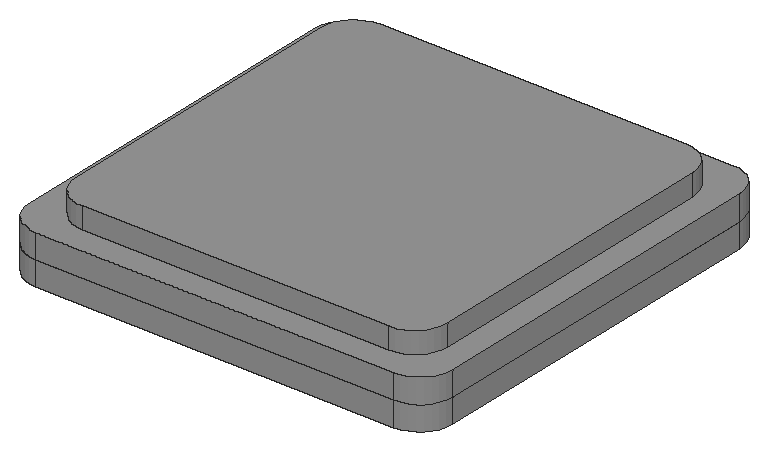
Revit family "FMS2_63_UN_Surface-mounted_ETK", category Lighting Fixtures, Revit 2019 (continued)
Definition of nested family "FMS.2 - Lightsource"
  Types (14, lengths in mm): name | Wattage Comments | Wattage | built-in parameter 1150134 | Photometric Web File | built-in parameter 1150142 | built-in parameter 1150105 | Lumens | built-in parameter 1150107 | built-in parameter 1150106 | Apparent Load
      \t549.7902\t542.9214\t536.0526\t529.1838\t521.4564\r\n513.4428\t505.7154\t497.988\t490.2606\t482.247\t474.5196\t466.7922\t459.0648\t451.3374\t443.61\r\n435.8826\t428.1552\t420.4278\t412.7004\t404.973\t397.5318\t389.8044\t382.077\t374.0634\t366.0498\r\n358.0362\t350.0226\t342.009\t333.9954\t325.9818\t317.9682\t309.9546\t301.941\t294.2136\t286.2\r\n278.3009\t270.4018\t262.5026\t254.6035\t246.733\t238.8625\t231.6789\t224.4953\t217.3403\t210.1853\r\n203.0303\t195.8753\t188.7489\t181.6225\t174.5248\t167.3984\t160.3006\t153.2029\t146.1051\t139.036\r\n131.9382\t124.8691\t117.7999\t108.5557\t95.5336\t82.4828\t69.4607\t56.4386\t43.4165\t30.3944\r\n17.3752\t4.3531\t0\t0\t0\t0\t0\t0\t0\t0\r\n0\r\n985.6728\t984.8142\t983.9556\t983.3832\t982.2384\t981.3798\t980.5212\t979.6626\t978.804\t977.9454\r\n976.8006\t975.942\t975.0834\t973.9386\t973.08\t971.649\t970.5042\t969.0732\t967.9284\t966.7836\r\n965.925\t964.7802\t963.063\t961.632\t960.201\t957.6252\t954.7632\t951.9012\t949.3254\t946.4634\r\n943.6014\t940.4532\t937.5912\t934.443\t931.0086\t927.8604\t924.9984\t921.8502\t918.9882\t915.84\r\n912.4056\t908.9712\t905.5368\t902.1024\t898.9542\t895.806\t892.3716\t888.9372\t885.5028\t880.6374\r\n876.0582\t871.479\t866.8998\t862.3206\t857.4552\t852.5898\t847.4382\t842.5728\t837.7074\t832.842\r\n827.9766\t822.825\t817.9596\t813.0942\t808.515\t803.6496\t798.7842\t793.6326\t788.7672\t783.9018\r\n778.7502\t773.0262\t766.7298\t760.4334\t754.4232\t748.1268\t742.1166\t735.8202\t729.81\t723.2274\r\n716.931\t710.6346\t704.3382\t698.328\t692.0316\t685.7352\t679.725\t673.4286\t667.1322\t660.8358\r\n654.8256\t648.5292\t641.6604\t634.7916\t627.6366\t620.4816\t613.3266\t606.1716\t599.0166\t591.8616\r\n584.7066\t577.5516\t570.6828\t563.5278\t556.3728\t549.504\t542.349\t535.194\t528.039\t520.884\r\n514.0152\t506.8602\t498.8466\t491.1192\t483.1056\t475.3782\t467.3646\t459.6372\t451.9098\t443.8962\r\n436.1688\t428.4414\t420.714\t412.9866\t404.973\t397.2456\t389.5182\t381.5046\t373.7772\t366.0498\r\n358.3224\t350.3088\t342.2952\t334.2816\t326.268\t318.5406\t310.527\t302.5134\t294.4998\t286.7724\r\n278.816\t270.9455\t263.1037\t255.2618\t247.4199\t239.6066\t231.7934\t224.1232\t217.0255\t209.9277\r\n202.8586\t195.7894\t188.7489\t181.7084\t174.6965\t167.6846\t160.6727\t153.6608\t146.6775\t139.6656\r\n132.7109\t125.7277\t118.773\t111.8183\t102.1734\t89.0654\t75.9575\t62.8781\t49.7702\t36.6908\r\n23.5915\t10.4978\t0\t0\t0\t0\t0\t0\t0\t0\r\n0\r\n985.6728\t984.8142\t984.2418\t983.3832\t982.5246\t981.666\t980.5212\t979.6626\t978.804\t977.9454\r\n977.0868\t976.2282\t975.0834\t973.9386\t972.7938\t971.3628\t970.218\t969.0732\t968.2146\t966.7836\r\n965.3526\t963.9216\t962.2044\t960.7734\t959.3424\t957.9114\t956.4804\t953.6184\t950.7564\t947.6082\r\n944.46\t941.0256\t938.1636\t935.3016\t932.1534\t929.0052\t925.5708\t921.8502\t918.4158\t915.2676\r\n912.1194\t908.9712\t905.2506\t901.8162\t898.3818\t894.9474\t891.513\t888.0786\t884.358\t880.6374\r\n876.6306\t872.6238\t867.7584\t863.1792\t858.3138\t853.1622\t848.2968\t843.4314\t838.2798\t833.1282\r\n828.2628\t823.1112\t817.9596\t813.0942\t807.9426\t802.791\t797.6394\t792.4878\t787.3362\t782.1846\r\n777.033\t771.8814\t766.7298\t761.5782\t756.4266\t750.1302\t743.8338\t737.5374\t731.241\t724.9446\r\n718.6482\t712.0656\t705.7692\t699.1866\t692.604\t686.0214\t679.725\t673.1424\t666.846\t660.2634\r\n653.967\t647.3844\t640.8018\t634.5054\t627.9228\t621.6264\t614.7576\t607.3164\t600.1614\t592.7202\r\n585.5652\t578.124\t570.969\t563.5278\t556.3728\t549.2178\t541.7766\t534.6216\t527.4666\t520.3116\r\n512.8704\t505.7154\t498.5604\t491.4054\t484.2504\t476.8092\t468.7956\t460.782\t453.0546\t445.041\r\n437.3136\t429.3\t421.2864\t413.2728\t405.5454\t397.5318\t389.8044\t381.7908\t374.0634\t366.0498\r\n358.3224\t350.595\t342.8676\t334.854\t326.8404\t318.8268\t311.0994\t303.0858\t295.0722\t287.3448\r\n279.3884\t271.5179\t263.6474\t255.8056\t247.9923\t240.179\t232.3944\t224.6384\t216.911\t209.2981\r\n202.2862\t195.3315\t188.3482\t181.3936\t174.4675\t167.5415\t160.6441\t153.7466\t146.8778\t140.009\r\n133.1689\t126.3287\t119.4885\t112.6769\t105.8654\t96.6211\t83.4273\t70.2621\t57.0969\t43.9031\r\n30.7379\t17.5498\t4.3703\t0\t0\t0\t0\t0\t0\t0\r\n0\r\n985.6728\t985.1004\t984.2418\t983.3832\t982.5246\t981.666\t980.8074\t979.9488\t979.0902\t978.2316\r\n977.373\t976.5144\t975.3696\t973.9386\t972.5076\t971.649\t970.5042\t969.3594\t967.9284\t966.4974\r\n964.7802\t963.3492\t961.632\t960.201\t958.77\t957.339\t955.6218\t953.6184\t951.9012\t948.753\r\n945.891\t943.029\t939.5946\t936.1602\t932.4396\t929.2914\t926.1432\t922.995\t919.5606\t915.84\r\n912.4056\t908.9712\t905.5368\t902.1024\t898.0956\t894.0888\t890.3682\t886.6476\t883.2132\t879.4926\r\n875.4858\t871.479\t867.4722\t863.4654\t859.4586\t854.8794\t849.7278\t844.8624\t839.7108\t834.273\r\n829.1214\t823.6836\t818.532\t813.3804\t807.9426\t802.791\t797.6394\t792.4878\t787.3362\t781.8984\r\n776.4606\t771.0228\t765.585\t760.1472\t754.7094\t748.9854\t743.5476\t737.8236\t732.672\t726.6618\r\n720.0792\t713.4966\t706.914\t700.3314\t693.7488\t687.1662\t680.5836\t674.001\t667.1322\t660.5496\r\n653.967\t647.0982\t640.5156\t633.933\t627.0642\t620.4816\t613.899\t607.3164\t600.4476\t593.865\r\n586.9962\t579.555\t572.1138\t564.6726\t557.2314\t549.7902\t542.349\t534.9078\t527.4666\t520.0254\r\n512.5842\t505.4292\t497.988\t490.5468\t483.1056\t475.9506\t468.5094\t461.3544\t453.9132\t446.472\r\n438.4584\t430.4448\t422.4312\t414.1314\t406.1178\t398.1042\t390.0906\t382.077\t374.3496\t366.336\r\n358.3224\t350.595\t342.5814\t334.854\t326.8404\t319.113\t311.3856\t303.372\t295.3584\t287.631\r\n279.6746\t271.8328\t264.0481\t256.2635\t248.5075\t240.7514\t233.024\t225.3253\t217.6551\t209.9849\r\n202.3434\t194.7019\t187.7472\t180.907\t174.0668\t167.2553\t160.4723\t153.718\t146.9637\t140.238\r\n133.5123\t126.8152\t120.1181\t113.4497\t106.8098\t100.17\t92.0992\t78.7909\t65.4826\t52.1743\r\n38.866\t25.5577\t12.2465\t0\t0\t0\t0\t0\t0\t0\r\n0\r\n985.6728\t985.1004\t984.2418\t983.6694\t982.8108\t981.9522\t981.0936\t980.235\t979.6626\t978.804\r\n977.6592\t976.5144\t975.3696\t973.9386\t972.7938\t971.9352\t970.7904\t969.0732\t967.6422\t966.2112\r\n964.494\t963.063\t961.3458\t959.9148\t958.1976\t956.1942\t954.1908\t952.7598\t951.0426\t949.3254\r\n946.7496\t943.8876\t940.4532\t937.5912\t934.443\t931.0086\t927.288\t923.8536\t920.4192\t916.9848\r\n913.2642\t909.2574\t905.5368\t901.8162\t898.3818\t894.6612\t890.6544\t886.3614\t882.3546\t878.3478\r\n874.341\t870.3342\t866.3274\t862.3206\t857.7414\t853.4484\t849.1554\t844.8624\t840.5694\t836.5626\r\n831.411\t826.2594\t820.8216\t815.0976\t809.3736\t803.9358\t798.2118\t792.774\t787.05\t781.6122\r\n775.8882\t770.4504\t765.0126\t759.5748\t753.8508\t748.1268\t742.4028\t736.6788\t730.9548\t725.2308\r\n719.5068\t713.7828\t708.0588\t702.3348\t696.3246\t689.4558\t682.587\t675.7182\t668.8494\t661.9806\r\n655.1118\t648.5292\t641.3742\t634.5054\t627.3504\t620.4816\t613.6128\t606.744\t599.8752\t592.7202\r\n585.8514\t578.9826\t572.1138\t565.245\t558.09\t551.5074\t543.78\t536.3388\t528.6114\t520.884\r\n513.1566\t505.4292\t497.988\t490.5468\t482.8194\t475.3782\t467.937\t460.2096\t452.7684\t445.3272\r\n437.886\t430.4448\t423.0036\t415.5624\t407.835\t399.5352\t391.5216\t383.2218\t375.2082\t367.1946\r\n359.181\t351.1674\t343.1538\t335.1402\t327.1266\t319.113\t311.3856\t303.372\t295.6446\t287.9172\r\n280.0181\t272.1762\t264.3629\t256.5783\t248.8509\t241.1235\t233.4533\t225.8118\t218.2275\t210.6432\r\n203.0875\t195.5605\t188.062\t180.5922\t173.38\t166.6829\t159.9858\t153.346\t146.7347\t140.1235\r\n133.5695\t127.0156\t120.4902\t113.9648\t107.4681\t101\t94.5319\t88.0637\t75.0416\t61.5616\r\n48.0816\t34.573\t21.0872\t7.5929\t0\t0\t0\t0\t0\t0\r\n0\r\n985.6728\t985.1004\t984.528\t983.6694\t982.8108\t981.9522\t981.3798\t980.8074\t979.9488\t979.0902\r\n978.2316\t976.8006\t975.3696\t974.2248\t973.3662\t972.2214\t970.7904\t969.0732\t967.6422\t965.925\r\n964.494\t962.7768\t961.3458\t959.3424\t957.339\t955.6218\t953.9046\t952.1874\t949.6116\t947.0358\r\n945.0324\t943.029\t941.0256\t938.4498\t935.874\t932.7258\t929.2914\t925.857\t921.8502\t918.1296\r\n914.409\t910.9746\t907.254\t903.2472\t898.9542\t894.9474\t890.9406\t886.9338\t882.6408\t878.634\r\n874.341\t869.7618\t865.4688\t861.1758\t856.8828\t852.5898\t848.2968\t844.0038\t839.4246\t834.5592\r\n829.6938\t825.1146\t820.2492\t815.67\t811.0908\t806.2254\t800.5014\t795.0636\t789.3396\t783.6156\r\n777.6054\t771.5952\t765.585\t759.5748\t753.8508\t747.8406\t742.1166\t736.1064\t730.0962\t724.086\r\n718.0758\t712.3518\t706.3416\t700.3314\t694.3212\t688.0248\t682.0146\t676.0044\t669.9942\t663.984\r\n657.6876\t650.8188\t643.6638\t636.2226\t629.0676\t621.9126\t614.7576\t607.8888\t600.4476\t593.2926\r\n585.8514\t578.6964\t571.5414\t564.3864\t557.2314\t550.0764\t542.9214\t535.7664\t528.6114\t521.4564\r\n514.3014\t507.1464\t499.7052\t491.6916\t483.9642\t476.2368\t468.2232\t460.4958\t452.7684\t445.041\r\n437.3136\t429.5862\t422.145\t414.4176\t406.9764\t399.249\t391.8078\t384.3666\t376.9254\t368.9118\r\n360.8982\t352.5984\t344.2986\t335.9988\t327.9852\t319.9716\t311.958\t303.9444\t296.217\t288.2034\r\n280.2184\t272.3193\t264.4488\t256.6069\t248.9368\t241.2952\t233.6823\t226.1266\t218.5709\t211.0439\r\n203.5454\t196.1042\t188.6917\t181.3363\t174.0382\t166.7687\t159.4993\t152.7163\t146.2196\t139.7515\r\n133.312\t126.9297\t120.5474\t114.1938\t107.8688\t101.5724\t95.3046\t89.0368\t82.7977\t72.4372\r\n58.6424\t44.8762\t31.0813\t17.3037\t3.5117\t0\t0\t0\t0\t0\r\n0\r\n985.6728\t985.1004\t984.528\t983.9556\t983.097\t982.2384\t981.666\t981.0936\t980.235\t979.3764\r\n978.2316\t976.8006\t975.942\t974.7972\t973.9386\t972.5076\t970.7904\t969.3594\t967.6422\t966.2112\r\n964.494\t963.063\t961.0596\t959.0562\t957.339\t955.6218\t953.3322\t950.7564\t948.4668\t946.4634\r\n944.46\t941.8842\t939.3084\t937.0188\t934.443\t931.8672\t929.0052\t926.1432\t923.5674\t920.9916\r\n917.271\t912.978\t908.685\t904.9644\t900.9576\t896.6646\t892.3716\t888.0786\t883.7856\t879.4926\r\n874.9134\t870.6204\t866.3274\t862.0344\t857.4552\t852.876\t848.0106\t843.1452\t838.2798\t833.4144\r\n828.8352\t824.256\t819.3906\t814.5252\t809.6598\t804.5082\t799.3566\t794.205\t788.7672\t783.6156\r\n778.464\t773.0262\t767.8746\t761.8644\t755.8542\t749.844\t743.8338\t737.5374\t731.241\t724.9446\r\n718.362\t712.0656\t706.0554\t699.759\t693.4626\t687.1662\t680.5836\t674.2872\t667.7046\t661.4082\r\n655.1118\t648.5292\t641.9466\t635.364\t629.0676\t622.7712\t616.1886\t609.606\t603.0234\t595.8684\r\n588.7134\t581.5584\t573.831\t566.3898\t558.9486\t551.2212\t543.4938\t536.0526\t528.3252\t520.884\r\n513.4428\t506.0016\t498.8466\t491.4054\t483.9642\t476.2368\t468.7956\t461.6406\t454.1994\t446.472\r\n438.4584\t430.4448\t422.4312\t414.7038\t406.6902\t398.9628\t390.9492\t383.2218\t375.4944\t367.4808\r\n359.7534\t352.3122\t344.5848\t336.8574\t329.4162\t321.4026\t313.389\t305.0892\t297.0756\t289.062\r\n280.9912\t273.0348\t265.1357\t257.2652\t249.4519\t241.6959\t233.9685\t226.2983\t218.6854\t211.187\r\n203.7458\t196.3618\t189.0065\t181.737\t174.4961\t167.3411\t160.2148\t153.1456\t146.1337\t139.1504\r\n132.6251\t126.3573\t120.1754\t113.9935\t107.8688\t101.7441\t95.6767\t89.6378\t83.599\t77.6174\r\n71.0062\t56.7821\t42.5579\t28.3309\t14.1011\t0\t0\t0\t0\t0\r\n0\r\n985.6728\t985.1004\t984.8142\t983.9556\t983.3832\t982.5246\t981.9522\t981.3798\t980.8074\t979.9488\r\n978.5178\t977.373\t976.5144\t975.6558\t974.2248\t972.7938\t971.0766\t969.6456\t967.9284\t966.4974\r\n965.0664\t963.063\t961.0596\t959.3424\t957.6252\t955.3356\t952.7598\t950.4702\t948.4668\t946.1772\r\n943.6014\t941.0256\t938.4498\t936.1602\t933.2982\t930.15\t927.5742\t924.9984\t922.1364\t918.702\r\n915.2676\t912.4056\t909.2574\t905.823\t902.3886\t898.9542\t894.9474\t890.3682\t886.0752\t881.7822\r\n877.4892\t873.1962\t868.3308\t863.7516\t858.8862\t854.0208\t849.1554\t844.29\t839.7108\t834.5592\r\n829.6938\t824.5422\t819.3906\t814.239\t809.0874\t803.6496\t798.498\t793.0602\t787.6224\t782.1846\r\n776.7468\t771.5952\t766.1574\t760.4334\t754.7094\t748.9854\t743.2614\t737.5374\t731.8134\t726.0894\r\n720.3654\t714.9276\t708.345\t701.7624\t694.8936\t688.311\t681.7284\t674.8596\t668.277\t661.6944\r\n654.8256\t648.243\t641.6604\t634.7916\t627.9228\t621.3402\t614.4714\t607.6026\t600.7338\t593.865\r\n586.9962\t580.1274\t572.9724\t566.1036\t559.2348\t552.6522\t545.7834\t539.2008\t532.0458\t524.0322\r\n516.3048\t508.2912\t500.2776\t492.5502\t484.5366\t476.8092\t469.0818\t461.3544\t453.627\t445.8996\r\n438.1722\t430.4448\t422.7174\t414.99\t407.2626\t399.5352\t391.8078\t384.0804\t376.0668\t368.0532\r\n360.0396\t352.026\t344.0124\t336.285\t328.2714\t320.2578\t312.5304\t304.803\t297.0756\t289.3482\r\n281.907\t274.3227\t266.2232\t258.181\t250.196\t242.2969\t234.455\t226.7276\t219.0575\t211.4446\r\n203.8889\t196.4191\t188.9779\t181.7084\t174.5248\t167.427\t160.4151\t153.4604\t146.563\t139.7515\r\n132.9971\t126.3001\t119.6888\t113.3924\t107.4109\t101.4865\t95.6194\t89.7809\t83.9711\t78.1898\r\n72.4658\t66.7418\t56.2097\t41.2987\t26.3819\t11.4394\t0\t0\t0\t0\r\n0\r\n985.6728\t985.3866\t984.8142\t984.2418\t983.3832\t983.097\t982.5246\t981.9522\t981.3798\t980.235\r\n979.0902\t977.9454\t977.0868\t976.2282\t974.7972\t973.08\t971.649\t969.9318\t968.5008\t967.0698\r\n965.3526\t963.3492\t961.632\t959.9148\t957.6252\t955.0494\t952.7598\t950.7564\t948.4668\t945.891\r\n943.6014\t941.0256\t938.4498\t935.3016\t932.4396\t929.8638\t927.288\t923.8536\t920.4192\t917.271\r\n914.1228\t910.9746\t907.5402\t904.1058\t900.3852\t896.6646\t892.944\t889.5096\t885.789\t882.0684\r\n878.0616\t874.0548\t870.048\t865.755\t861.462\t857.169\t852.3036\t847.152\t842.2866\t837.135\r\n831.9834\t826.8318\t821.6802\t816.2424\t811.0908\t805.3668\t799.929\t794.205\t788.7672\t783.3294\r\n777.6054\t771.8814\t766.1574\t760.4334\t754.7094\t748.6992\t742.689\t736.6788\t730.6686\t724.6584\r\n718.6482\t712.3518\t706.3416\t700.0452\t694.035\t687.7386\t681.4422\t675.1458\t669.1356\t662.8392\r\n655.9704\t649.3878\t643.0914\t636.795\t630.2124\t623.0574\t615.9024\t608.7474\t601.5924\t594.1512\r\n586.9962\t579.8412\t572.6862\t565.5312\t558.09\t550.935\t543.4938\t536.3388\t528.8976\t521.7426\r\n514.3014\t507.1464\t499.9914\t492.8364\t485.6814\t478.2402\t471.0852\t463.644\t456.489\t448.7616\r\n440.4618\t432.162\t424.1484\t416.1348\t408.1212\t400.1076\t392.094\t384.0804\t375.7806\t367.767\r\n360.0396\t352.3122\t344.2986\t336.5712\t328.8438\t321.1164\t313.389\t305.3754\t297.0756\t289.062\r\n281.077\t273.2638\t265.4791\t257.7803\t250.0816\t242.4686\t234.9416\t227.5576\t220.2881\t212.5321\r\n204.7761\t197.1059\t189.5216\t182.0518\t174.7537\t167.5701\t160.4723\t153.4891\t146.563\t139.7801\r\n133.083\t126.4718\t119.9464\t113.5069\t107.1533\t100.8569\t94.7608\t89.1227\t83.5418\t78.0181\r\n72.5231\t67.0853\t61.7047\t56.3242\t41.3559\t25.2972\t9.2128\t0\t0\t0\r\n0\r\n985.6728\t985.3866\t984.8142\t984.2418\t983.6694\t983.3832\t982.8108\t982.2384\t981.666\t980.8074\r\n979.3764\t978.5178\t977.9454\t976.8006\t975.3696\t973.9386\t972.2214\t970.7904\t969.3594\t967.6422\r\n965.925\t963.9216\t962.2044\t960.4872\t957.9114\t955.3356\t953.3322\t951.3288\t948.753\t946.4634\r\n943.8876\t941.3118\t938.4498\t935.3016\t932.7258\t930.15\t926.7156\t923.2812\t919.8468\t916.9848\r\n913.5504\t910.116\t906.6816\t902.961\t899.2404\t895.5198\t891.7992\t888.3648\t884.358\t880.3512\r\n876.3444\t871.7652\t867.4722\t863.4654\t859.1724\t854.8794\t850.3002\t845.721\t841.1418\t836.5626\r\n831.9834\t827.118\t822.5388\t817.3872\t812.2356\t807.3702\t802.2186\t797.3532\t792.2016\t786.7638\r\n781.326\t775.602\t769.5918\t763.2954\t757.2852\t750.9888\t744.9786\t738.9684\t732.9582\t726.6618\r\n720.3654\t714.069\t707.7726\t701.4762\t694.8936\t688.5972\t682.0146\t675.432\t668.5632\t661.9806\r\n655.1118\t648.5292\t641.9466\t635.364\t628.4952\t621.6264\t614.7576\t607.8888\t601.02\t594.1512\r\n586.9962\t580.1274\t572.9724\t566.1036\t558.9486\t551.7936\t544.6386\t537.7698\t530.6148\t523.746\r\n516.3048\t508.5774\t500.5638\t492.8364\t485.109\t477.3816\t469.6542\t461.9268\t454.1994\t446.472\r\n438.7446\t431.0172\t423.0036\t415.2762\t407.835\t400.1076\t392.3802\t384.6528\t377.2116\t369.4842\r\n362.043\t354.3156\t346.5882\t338.2884\t329.9886\t321.975\t313.6752\t305.3754\t297.3618\t289.3482\r\n281.4491\t273.5213\t265.6508\t257.8948\t250.2247\t242.669\t235.0847\t227.2714\t219.5154\t211.8739\r\n204.3468\t196.9056\t189.5789\t182.3666\t175.3261\t168.4001\t161.3309\t154.1473\t147.1068\t140.1521\r\n133.3692\t126.7294\t120.204\t113.7645\t107.5253\t101.4007\t95.3618\t89.4089\t83.5418\t77.7892\r\n72.4372\t67.2284\t62.1054\t57.0397\t52.0312\t44.0748\t25.7923\t7.4555\t0\t0\r\n0\r\n985.6728\t985.3866\t985.1004\t984.528\t983.9556\t983.6694\t983.3832\t982.8108\t982.2384\t981.0936\r\n979.9488\t979.3764\t978.804\t977.373\t976.2282\t974.511\t973.08\t971.649\t970.218\t968.5008\r\n966.7836\t965.0664\t963.3492\t961.0596\t958.77\t956.4804\t954.477\t952.1874\t949.8978\t947.322\r\n944.7462\t941.8842\t939.0222\t936.1602\t933.5844\t930.7224\t927.0018\t923.5674\t920.7054\t917.271\r\n914.1228\t910.6884\t906.9678\t903.2472\t899.5266\t895.806\t892.0854\t888.3648\t884.358\t880.065\r\n875.4858\t871.1928\t866.8998\t862.893\t858.3138\t853.7346\t849.1554\t844.29\t839.7108\t834.8454\r\n830.2662\t825.4008\t820.2492\t814.8114\t809.946\t805.0806\t799.929\t794.7774\t789.6258\t784.188\r\n778.7502\t773.0262\t767.3022\t761.5782\t755.8542\t750.4164\t744.6924\t738.9684\t733.2444\t727.2342\r\n721.224\t715.2138\t709.2036\t703.1934\t696.897\t690.8868\t684.5904\t678.0078\t671.4252\t665.1288\r\n658.8324\t652.536\t645.9534\t638.7984\t631.9296\t625.0608\t618.192\t610.7508\t603.3096\t596.1546\r\n589.2858\t581.8446\t574.4034\t567.2484\t560.0934\t552.9384\t545.4972\t537.7698\t530.3286\t522.6012\r\n515.16\t507.7188\t500.2776\t492.5502\t485.109\t477.3816\t469.9404\t462.213\t454.4856\t446.7582\r\n439.0308\t431.0172\t423.576\t415.8486\t408.1212\t400.3938\t392.6664\t385.2252\t377.4978\t369.7704\r\n361.4706\t353.457\t345.1572\t337.1436\t328.8438\t321.1164\t313.389\t305.3754\t297.3618\t289.3482\r\n281.5922\t273.8362\t266.1374\t258.5245\t250.9974\t243.5276\t236.0864\t228.3304\t220.
      3454\t212.5035\r\n204.7475\t197.1918\t189.6934\t182.2808\t175.0113\t167.8277\t160.8158\t153.8325\t146.8778\t140.0949\r\n133.3978\t126.9011\t120.6047\t114.5086\t108.155\t101.6869\t95.4477\t89.4661\t83.7421\t78.1326\r\n72.6376\t67.2856\t62.0768\t57.0397\t52.4032\t47.8813\t43.4452\t29.5072\t6.0932\t0\r\n0\r\n985.6728\t985.3866\t985.1004\t984.8142\t984.2418\t983.9556\t983.6694\t983.3832\t983.097\t981.9522\r\n980.5212\t980.235\t979.6626\t978.2316\t977.0868\t975.6558\t973.9386\t972.7938\t971.3628\t969.6456\r\n967.9284\t966.2112\t964.7802\t962.4906\t959.9148\t957.9114\t955.908\t953.6184\t951.3288\t949.0392\r\n946.4634\t943.3152\t940.4532\t937.8774\t935.3016\t931.8672\t928.1466\t924.9984\t922.1364\t918.9882\r\n915.5538\t912.1194\t908.685\t904.6782\t900.9576\t897.237\t893.8026\t889.7958\t885.5028\t881.2098\r\n876.6306\t872.3376\t868.3308\t863.7516\t859.4586\t854.5932\t850.014\t845.1486\t840.2832\t835.4178\r\n830.8386\t825.687\t820.2492\t815.3838\t810.5184\t805.3668\t800.2152\t795.0636\t789.6258\t784.188\r\n778.1778\t772.74\t767.016\t761.0058\t754.9956\t749.5578\t744.12\t738.1098\t732.0996\t725.8032\r\n719.793\t713.4966\t707.4864\t701.4762\t695.1798\t688.5972\t682.0146\t675.7182\t669.1356\t662.553\r\n656.2566\t649.674\t642.8052\t636.2226\t629.9262\t623.0574\t615.9024\t608.7474\t602.1648\t595.0098\r\n588.141\t581.2722\t574.4034\t567.2484\t560.0934\t552.6522\t545.211\t538.056\t530.6148\t523.4598\r\n516.3048\t508.8636\t501.4224\t493.9812\t486.54\t479.0988\t471.6576\t463.9302\t456.2028\t448.4754\r\n441.0342\t433.593\t425.8656\t418.1382\t410.1246\t402.3972\t394.6698\t387.2286\t379.215\t370.9152\r\n362.9016\t354.888\t346.5882\t338.5746\t330.2748\t321.975\t313.9614\t305.9478\t297.9342\t289.9206\r\n281.907\t273.8934\t266.0515\t258.2383\t250.3964\t242.5259\t234.7985\t227.1856\t219.5726\t212.017\r\n204.4899\t197.0773\t189.7506\t182.5384\t175.1544\t167.9422\t160.8158\t153.7466\t146.792\t140.1521\r\n133.6554\t127.2731\t121.0054\t114.709\t107.9546\t101.4007\t95.3332\t89.3803\t83.6849\t77.9895\r\n72.4945\t67.3429\t62.2199\t56.9538\t51.9739\t47.5092\t43.4738\t40.2397\t37.5494\t5.3004\r\n0" | 222.82 (stored number, unit not read) | 2800 lm | 3000 (stored number, unit not read) | 2.2282 (stored number, unit not read) | 38 VA
